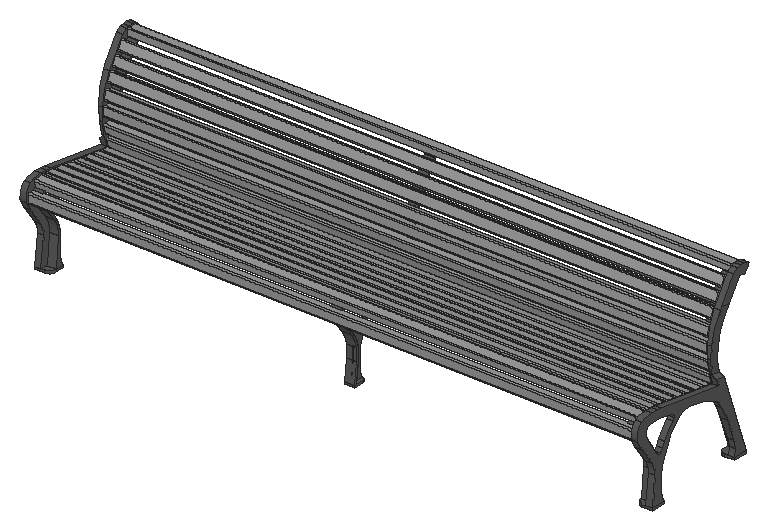
Revit family "Скамейка чугунная «Голландия» без подлокотников Арт 10869", category Антураж, Revit 2018
Family settings
  На основе рабочей плоскости = Нет
  Всегда вертикально = Да
  При загрузке вырезать с полостями = Нет
  Источник визуального образа = Геометрия семейства
  Общий = Нет
  Точка расчета площади = Нет
Parameters (values of type "Версия 3,0 м (3 опоры)")
  Ширина = 680 mm  # constant formula
  Цвет сидения = Дерево
  Цвет опоры = Сталь
  Средняя опора = or([Версия 2,0 м (3 опоры)], ([Версия 3,0 м (3 опоры)]))  # yes
  Описание = if([Версия 1,5 м], "Скамейка чугунная «Голландия» без подлокотников. Версия 1,5 м", if([Версия 1,8 м], "Скамейка чугунная «Голландия» без подлокотников. Версия 1,8 м", if([Версия 2,0 м (3 опоры)], "Скамейка чугунная «Голландия» без подлокотников. Версия 2,0 м (3 опоры)", "Скамейка чугунная «Голландия» без подлокотников. Версия 3,0 м (3 опоры)")))  # "Скамейка чугунная «Голландия» без подлокотников. Версия 3,0 м (3 опоры)"
  Материал изделия = "Сталь,чугун, дерево"  # constant formula
  Изображение типоразмера = Скамейка чугунная «Голландия» без подлокотников Арт 10869.jpg
  Изготовитель = "ООО «Хоббика»"  # constant formula
  Длина = if([Версия 1,5 м], 1500 mm, if([Версия 1,8 м], 1800 mm, if([Версия 2,0 м (3 опоры)], 2000 mm, 3000 mm)))  # 3000 mm
  Группа модели = "Садовые скамейки"  # constant formula
  Высота = 850 mm  # constant formula
  Версия 3,0 м (3 опоры) = not(or([Версия 1,5 м], [Версия 1,8 м], [Версия 2,0 м (3 опоры)]))  # yes
  Версия 2,0 м (3 опоры) = no
  Версия 1,8 м = no
  Версия 1,5 м = no
  Артикул товара = "Арт. 10869"  # constant formula
  URL = "https://hobbyka.ru/product/skameyka_chugunnaya_gollandiya_s_podlokotnikom/"
Types (5, lengths in mm): name | Средняя опора | Описание | Длина | Версия 3,0 м (3 опоры) | Версия 2,0 м (3 опоры) | Версия 1,8 м | Версия 1,5 м
  (no name) | yes | "Скамейка чугунная «Голландия» без подлокотников. Версия 3,0 м (3 опоры)" | 3000 | yes | no | no | no
  Версия 1,5 м | no | "Скамейка чугунная «Голландия» без подлокотников. Версия 1,5 м" | 1500 | no | no | no | yes
  Версия 1,8 м | no | "Скамейка чугунная «Голландия» без подлокотников. Версия 1,8 м" | 1800 | no | no | yes | no
  Версия 2,0 м (3 опоры) | yes | "Скамейка чугунная «Голландия» без подлокотников. Версия 2,0 м (3 опоры)" | 2000 | no | yes | no | no
  Версия 3,0 м (3 опоры) | yes | "Скамейка чугунная «Голландия» без подлокотников. Версия 3,0 м (3 опоры)" | 3000 | yes | no | no | no
Reference planes
  plane 1 "По центру (Вперед/Назад)": y = 0
  plane 2: z = 0
  plane 3 "По центру (Влево/Вправо)": x = 0
  plane 4: x = 3000
  plane 5: y = 680
  plane 6: z = 850
  plane 7: x = 3035
  plane 8: x = -35
Forms (mm)
  Extrusion 1, solid, material "Дерево" <- "Цвет сидения"
    sketch origin (0, 0, 0) x (0, 1, 0) y (0, 0, 1)
      loop
        line (674.324, 815.749) -> (674.324, 845)
        arc (674.324, 845) -> (672.859, 848.536) -> (669.324, 850) r 5
        line (669.324, 850) -> (629.324, 850)
        arc (629.324, 850) -> (625.788, 848.536) -> (624.324, 845) r 5
        line (624.324, 845) -> (624.324, 815.749) -> (674.324, 815.749)
      loop
        line (616.855, 798.179) -> (593.066, 815.199)
        arc (593.066, 815.199) -> (589.338, 816.066) -> (586.09, 814.042) r 5
        line (586.09, 814.042) -> (562.815, 781.511)
        arc (562.815, 781.511) -> (561.949, 777.783) -> (563.973, 774.535) r 5
        line (563.973, 774.535) -> (587.762, 757.515) -> (616.855, 798.179)
      loop
        line (580.351, 745.752) -> (555.345, 760.928)
        arc (555.345, 760.928) -> (551.563, 761.511) -> (548.476, 759.248) r 5
        line (548.476, 759.248) -> (527.723, 725.053)
        arc (527.723, 725.053) -> (527.14, 721.271) -> (529.403, 718.185) r 5
        line (529.403, 718.185) -> (554.409, 703.008) -> (580.351, 745.752)
      loop
        line (548.708, 692.872) -> (522.125, 705.075)
        arc (522.125, 705.075) -> (518.301, 705.219) -> (515.495, 702.617) r 5
        line (515.495, 702.617) -> (498.806, 666.265)
        arc (498.806, 666.265) -> (498.662, 662.441) -> (501.264, 659.635) r 5
        line (501.264, 659.635) -> (527.848, 647.431) -> (548.708, 692.872)
      loop
        line (522.13, 629.777) -> (493.707, 636.687)
        arc (493.707, 636.687) -> (489.926, 636.099) -> (487.668, 633.009) r 5
        line (487.668, 633.009) -> (478.218, 594.141)
        arc (478.218, 594.141) -> (478.806, 590.36) -> (481.896, 588.102) r 5
        line (481.896, 588.102) -> (510.319, 581.192) -> (522.13, 629.777)
      loop
        line (508.188, 567.194) -> (478.964, 568.441)
        arc (478.964, 568.441) -> (475.369, 567.129) -> (473.755, 563.659) r 5
        line (473.755, 563.659) -> (472.05, 523.695)
        arc (472.05, 523.695) -> (473.363, 520.101) -> (476.832, 518.487) r 5
        line (476.832, 518.487) -> (506.057, 517.24) -> (508.188, 567.194)
      loop
        line (508.188, 492.194) -> (479.455, 486.716)
        arc (479.455, 486.716) -> (476.256, 484.615) -> (475.48, 480.868) r 5
        line (475.48, 480.868) -> (482.972, 441.576)
        arc (482.972, 441.576) -> (485.072, 438.377) -> (488.82, 437.601) r 5
        line (488.82, 437.601) -> (517.553, 443.079) -> (508.188, 492.194)
      loop
        line (522.618, 424.305) -> (494.722, 415.507)
        arc (494.722, 415.507) -> (491.791, 413.047) -> (491.457, 409.235) r 5
        line (491.457, 409.235) -> (503.488, 371.087)
        arc (503.488, 371.087) -> (505.948, 368.156) -> (509.76, 367.822) r 5
        line (509.76, 367.822) -> (537.656, 376.62) -> (522.618, 424.305)
      loop
        line (496.711, 339.715) -> (501.324, 368.6)
        arc (501.324, 368.6) -> (500.435, 372.322) -> (497.175, 374.326) r 5
        line (497.175, 374.326) -> (457.675, 380.634)
        arc (457.675, 380.634) -> (453.953, 379.745) -> (451.949, 376.485) r 5
        line (451.949, 376.485) -> (447.337, 347.6) -> (496.711, 339.715)
      loop
        line (441.016, 348.609) -> (445.629, 377.494)
        arc (445.629, 377.494) -> (444.74, 381.216) -> (441.48, 383.22) r 5
        line (441.48, 383.22) -> (401.98, 389.528)
        arc (401.98, 389.528) -> (398.258, 388.639) -> (396.254, 385.379) r 5
        line (396.254, 385.379) -> (391.642, 356.494) -> (441.016, 348.609)
      loop
        line (386.699, 357.25) -> (391.312, 386.134)
        arc (391.312, 386.134) -> (390.423, 389.857) -> (387.163, 391.86) r 5
        line (387.163, 391.86) -> (347.663, 398.168)
        arc (347.663, 398.168) -> (343.941, 397.279) -> (341.937, 394.019) r 5
        line (341.937, 394.019) -> (337.325, 365.134) -> (386.699, 357.25)
      loop
        line (331.836, 366.044) -> (336.448, 394.929)
        arc (336.448, 394.929) -> (335.56, 398.651) -> (332.299, 400.655) r 5
        line (332.299, 400.655) -> (292.8, 406.962)
        arc (292.8, 406.962) -> (289.077, 406.074) -> (287.074, 402.813) r 5
        line (287.074, 402.813) -> (282.461, 373.929) -> (331.836, 366.044)
      loop
        line (209.802, 385.531) -> (214.415, 414.416)
        arc (214.415, 414.416) -> (213.526, 418.138) -> (210.266, 420.142) r 5
        line (210.266, 420.142) -> (170.766, 426.45)
        arc (170.766, 426.45) -> (167.044, 425.561) -> (165.04, 422.301) r 5
        line (165.04, 422.301) -> (160.428, 393.416) -> (209.802, 385.531)
      loop
        line (155.73, 393.805) -> (159.337, 422.832)
        arc (159.337, 422.832) -> (158.32, 426.521) -> (154.992, 428.411) r 5
        line (154.992, 428.411) -> (115.297, 433.343)
        arc (115.297, 433.343) -> (111.608, 432.326) -> (109.719, 428.998) r 5
        line (109.719, 428.998) -> (106.112, 399.971) -> (155.73, 393.805)
      loop
        line (40.612, 385.767) -> (11.391, 384.448)
        arc (11.391, 384.448) -> (7.925, 382.825) -> (6.621, 379.227) r 5
        line (6.621, 379.227) -> (8.425, 339.268)
        arc (8.425, 339.268) -> (10.048, 335.802) -> (13.646, 334.499) r 5
        line (13.646, 334.499) -> (42.867, 335.818) -> (40.612, 385.767)
      loop
        line (271.57, 375.668) -> (276.183, 404.553)
        arc (276.183, 404.553) -> (275.294, 408.275) -> (272.034, 410.279) r 5
        line (272.034, 410.279) -> (232.534, 416.586)
        arc (232.534, 416.586) -> (228.812, 415.698) -> (226.808, 412.437) r 5
        line (226.808, 412.437) -> (222.196, 383.552) -> (271.57, 375.668)
      loop
        line (97.972, 400.079) -> (92.938, 428.893)
        arc (92.938, 428.893) -> (90.887, 432.124) -> (87.152, 432.958) r 5
        line (87.152, 432.958) -> (47.749, 426.074)
        arc (47.749, 426.074) -> (44.518, 424.023) -> (43.684, 420.288) r 5
        line (43.684, 420.288) -> (48.718, 391.474) -> (97.972, 400.079)
    from 0 to 3000
Dimensions and locks
  "Длина": plane 3 "По центру (Влево/Вправо)" to plane 4
  "Ширина": plane 5 to plane 1 "По центру (Вперед/Назад)"
  "Высота": plane 6 to level
  equal spacing: plane 3 "По центру (Влево/Вправо)", nested 3, plane 4
  locked: plane 8 to plane 3 "По центру (Влево/Вправо)" at 35
  locked: plane 4 to plane 7 at 35
  aligned and locked: level to plane 2
  aligned and locked: nested 2 to plane 8
  aligned and locked: nested 1 to plane 7
  aligned and locked: Extrusion 1 to plane 3 "По центру (Влево/Вправо)"
  aligned and locked: plane 4 to Extrusion 1
Automatic sketch dimensions
  Extrusion 1 sketch curve to plane 6 = 0 mm
  Extrusion 1 sketch curve to plane 1 "По центру (Вперед/Назад)" = 6.621 mm
  Extrusion 1 sketch curve to plane 1 "По центру (Вперед/Назад)" = 8.425 mm
  Extrusion 1 sketch curve to Extrusion 1 sketch curve = 4.769 mm
  Extrusion 1 sketch curve to Extrusion 1 sketch curve = 4.995 mm  (x6)
  Extrusion 1 sketch curve to Extrusion 1 sketch curve = 0.226 mm
  Extrusion 1 sketch curve to Extrusion 1 sketch curve = 29.221 mm  (x2)
  Extrusion 1 sketch curve to Extrusion 1 sketch curve = 3.072 mm
  Extrusion 1 sketch curve to Extrusion 1 sketch curve = 4.065 mm  (x2)
  Extrusion 1 sketch curve to Extrusion 1 sketch curve = 0.861 mm  (x2)
  Extrusion 1 sketch curve to Extrusion 1 sketch curve = 8.106 mm
  Extrusion 1 sketch curve to Extrusion 1 sketch curve = 39.403 mm
  Extrusion 1 sketch curve to Extrusion 1 sketch curve = 4.925 mm  (x2)
  Extrusion 1 sketch curve to Extrusion 1 sketch curve = 5.034 mm
  Extrusion 1 sketch curve to Extrusion 1 sketch curve = 8.14 mm
  Extrusion 1 sketch curve to Extrusion 1 sketch curve = 16.781 mm
  Extrusion 1 sketch curve to Extrusion 1 sketch curve = 4.962 mm  (x3)
  Extrusion 1 sketch curve to Extrusion 1 sketch curve = 0.617 mm  (x2)
  Extrusion 1 sketch curve to Extrusion 1 sketch curve = 39.695 mm
  Extrusion 1 sketch curve to Extrusion 1 sketch curve = 1.355 mm
  Extrusion 1 sketch curve to Extrusion 1 sketch curve = 4.698 mm
  Extrusion 1 sketch curve to Extrusion 1 sketch curve = 5.703 mm
  Extrusion 1 sketch curve to Extrusion 1 sketch curve = 4.937 mm  (x18)
  Extrusion 1 sketch curve to Extrusion 1 sketch curve = 0.788 mm  (x12)
  Extrusion 1 sketch curve to Extrusion 1 sketch curve = 39.5 mm  (x6)
  Extrusion 1 sketch curve to Extrusion 1 sketch curve = 0.325 mm  (x6)
  Extrusion 1 sketch curve to Extrusion 1 sketch curve = 12.393 mm  (x2)
  Extrusion 1 sketch curve to Extrusion 1 sketch curve = 10.891 mm  (x2)
  Extrusion 1 sketch curve to Extrusion 1 sketch curve = 5.489 mm  (x2)
  Extrusion 1 sketch curve to Extrusion 1 sketch curve = 4.943 mm  (x2)
  Extrusion 1 sketch curve to Extrusion 1 sketch curve = 6.32 mm  (x2)
  Extrusion 1 sketch curve to Extrusion 1 sketch curve = 30.57 mm
  Extrusion 1 sketch curve to Extrusion 1 sketch curve = 1.705 mm
  Extrusion 1 sketch curve to Extrusion 1 sketch curve = 3.43 mm
  Extrusion 1 sketch curve to Extrusion 1 sketch curve = 4.782 mm  (x2)
  Extrusion 1 sketch curve to Extrusion 1 sketch curve = 4.463 mm
  Extrusion 1 sketch curve to Extrusion 1 sketch curve = 0.213 mm
  Extrusion 1 sketch curve to Extrusion 1 sketch curve = 3.975 mm
  Extrusion 1 sketch curve to Extrusion 1 sketch curve = 4.912 mm  (x4)
  Extrusion 1 sketch curve to Extrusion 1 sketch curve = 3.677 mm  (x2)
  Extrusion 1 sketch curve to Extrusion 1 sketch curve = 7.492 mm
  Extrusion 1 sketch curve to Extrusion 1 sketch curve = 4.858 mm  (x2)
  Extrusion 1 sketch curve to Extrusion 1 sketch curve = 9.449 mm
  Extrusion 1 sketch curve to Extrusion 1 sketch curve = 0.936 mm
  Extrusion 1 sketch curve to Extrusion 1 sketch curve = 2.638 mm
  Extrusion 1 sketch curve to Extrusion 1 sketch curve = 1.181 mm
  Extrusion 1 sketch curve to Extrusion 1 sketch curve = 3.265 mm
  Extrusion 1 sketch curve to Extrusion 1 sketch curve = 4.768 mm  (x4)
  Extrusion 1 sketch curve to Extrusion 1 sketch curve = 5.099 mm
  Extrusion 1 sketch curve to Extrusion 1 sketch curve = 2.458 mm  (x2)
  Extrusion 1 sketch curve to Extrusion 1 sketch curve = 4.544 mm  (x2)
  Extrusion 1 sketch curve to Extrusion 1 sketch curve = 2.164 mm
  Extrusion 1 sketch curve to Extrusion 1 sketch curve = 29.224 mm  (x2)
  Extrusion 1 sketch curve to Extrusion 1 sketch curve = 2.132 mm
  Extrusion 1 sketch curve to Extrusion 1 sketch curve = 1.504 mm
  Extrusion 1 sketch curve to Extrusion 1 sketch curve = 2.13 mm
  Extrusion 1 sketch curve to Extrusion 1 sketch curve = 16.688 mm
  Extrusion 1 sketch curve to Extrusion 1 sketch curve = 28.733 mm
  Extrusion 1 sketch curve to Extrusion 1 sketch curve = 2.086 mm
  Extrusion 1 sketch curve to Extrusion 1 sketch curve = 28.423 mm
  Extrusion 1 sketch curve to Extrusion 1 sketch curve = 5.066 mm
  Extrusion 1 sketch curve to Extrusion 1 sketch curve = 5.598 mm
  Extrusion 1 sketch curve to Extrusion 1 sketch curve = 5.718 mm
  Extrusion 1 sketch curve to Extrusion 1 sketch curve = 1.68 mm
  Extrusion 1 sketch curve to Extrusion 1 sketch curve = 4.274 mm  (x2)
  Extrusion 1 sketch curve to Extrusion 1 sketch curve = 27.896 mm
  Extrusion 1 sketch curve to Extrusion 1 sketch curve = 20.753 mm
  Extrusion 1 sketch curve to Extrusion 1 sketch curve = 26.583 mm
  Extrusion 1 sketch curve to Extrusion 1 sketch curve = 5.701 mm
  Extrusion 1 sketch curve to Extrusion 1 sketch curve = 2.594 mm  (x2)
  Extrusion 1 sketch curve to Extrusion 1 sketch curve = 7.471 mm
  Extrusion 1 sketch curve to plane 6 = 75.465 mm
  Extrusion 1 sketch curve to Extrusion 1 sketch curve = 1.157 mm
  Extrusion 1 sketch curve to Extrusion 1 sketch curve = 4.066 mm  (x3)
  Extrusion 1 sketch curve to Extrusion 1 sketch curve = 25.006 mm
  Extrusion 1 sketch curve to plane 6 = 35.958 mm
  Extrusion 1 sketch curve to Extrusion 1 sketch curve = 23.275 mm
  Extrusion 1 sketch curve to Extrusion 1 sketch curve = 7.411 mm
  Extrusion 1 sketch curve to plane 6 = 34.801 mm
  Extrusion 1 sketch curve to Extrusion 1 sketch curve = 2.909 mm
  Extrusion 1 sketch curve to plane 6 = 51.821 mm
  Extrusion 1 sketch curve to Extrusion 1 sketch curve = 7.469 mm
  Extrusion 1 sketch curve to Extrusion 1 sketch curve = 5 mm  (x2)
  Extrusion 1 sketch curve to plane 5 = 10.676 mm
  Extrusion 1 sketch curve to Extrusion 1 sketch curve = 17.881 mm
  Extrusion 1 sketch curve to Extrusion 1 sketch curve = 11.763 mm
  Extrusion 1 sketch curve to Extrusion 1 sketch curve = 31.601 mm
  Extrusion 1 sketch curve to Extrusion 1 sketch curve = 13.11 mm
  Extrusion 1 sketch curve to Extrusion 1 sketch curve = 10.137 mm
  Extrusion 1 sketch curve to Extrusion 1 sketch curve = 6.63 mm
  Extrusion 1 sketch curve to Extrusion 1 sketch curve = 22.948 mm
  Extrusion 1 sketch curve to Extrusion 1 sketch curve = 17.654 mm
  Extrusion 1 sketch curve to Extrusion 1 sketch curve = 6.04 mm
  Extrusion 1 sketch curve to Extrusion 1 sketch curve = 19.661 mm
  Extrusion 1 sketch curve to Extrusion 1 sketch curve = 13.998 mm
  Extrusion 1 sketch curve to Extrusion 1 sketch curve = 5.209 mm
  Extrusion 1 sketch curve to Extrusion 1 sketch curve = 25.045 mm
  Extrusion 1 sketch curve to Extrusion 1 sketch curve = 5.478 mm
  Extrusion 1 sketch curve to Extrusion 1 sketch curve = 47.524 mm
  Extrusion 1 sketch curve to Extrusion 1 sketch curve = 0.385 mm
  Extrusion 1 sketch curve to Extrusion 1 sketch curve = 4.345 mm
  Extrusion 1 sketch curve to Extrusion 1 sketch curve = 4.933 mm
  Extrusion 1 sketch curve to Extrusion 1 sketch curve = 1.961 mm
  Extrusion 1 sketch curve to Extrusion 1 sketch curve = 6.884 mm
  Extrusion 1 sketch curve to Extrusion 1 sketch curve = 18.774 mm
  Extrusion 1 sketch curve to Extrusion 1 sketch curve = 0.532 mm
  Extrusion 1 sketch curve to Extrusion 1 sketch curve = 6.308 mm  (x5)
  Extrusion 1 sketch curve to Extrusion 1 sketch curve = 3.556 mm
  Extrusion 1 sketch curve to Extrusion 1 sketch curve = 22.093 mm
  Extrusion 1 sketch curve to Extrusion 1 sketch curve = 4.149 mm  (x2)
  Extrusion 1 sketch curve to Extrusion 1 sketch curve = 3.316 mm
  Extrusion 1 sketch curve to Extrusion 1 sketch curve = 2.487 mm
  Extrusion 1 sketch curve to Extrusion 1 sketch curve = 0.91 mm
  Extrusion 1 sketch curve to Extrusion 1 sketch curve = 2.333 mm
  Extrusion 1 sketch curve to Extrusion 1 sketch curve = 5.707 mm
  Extrusion 1 sketch curve to Extrusion 1 sketch curve = 0.756 mm
  Extrusion 1 sketch curve to Extrusion 1 sketch curve = 1.319 mm
  Extrusion 1 sketch curve to Extrusion 1 sketch curve = 2.586 mm
  Extrusion 1 sketch curve to Extrusion 1 sketch curve = 1.009 mm
  Extrusion 1 sketch curve to Extrusion 1 sketch curve = 6.504 mm
  Extrusion 1 sketch curve to Extrusion 1 sketch curve = 17.57 mm
Nested families
  nested 1: "Скамейка чугунная «Голландия» без подлокотниками Арт 10869 опора" at (3005, 124.961, 0), type "Скамейка чугунная «Голландия» без подлокотниками Арт 10869 опора"
  nested 2: "Скамейка чугунная «Голландия» без подлокотниками Арт 10869 опора" at (-5, 124.961, 0) x (-1, 0, 0) z (0, 0, 1), type "Скамейка чугунная «Голландия» без подлокотниками Арт 10869 опора"
  nested 3: "Скамейка чугунная «Голландия» с подлокотниками Арт 13977 опора средняя" at (1500, 162.057, 0), visible <- "Средняя опора", type "Скамейка чугунная «Голландия» с подлокотниками Арт 13977 опора средняя"
Definition of nested family "Скамейка чугунная «Голландия» без подлокотниками Арт 10869 опора"
  Parameters (values of type "Скамейка чугунная «Голландия» без подлокотниками Арт 10869 опора")
    Цвет опоры = none
    Height = 0 mm
  Reference planes
    plane 1 "По центру (Вперед/Назад)": y = 0
    plane 2: z = 0
    plane 3 "По центру (Влево/Вправо)": x = 0
  Forms (mm)
    Extrusion 1, solid, material <- "Цвет опоры"
      sketch origin (0, 0, 0) x (0, 1, 0) y (0, 0, 1)
        loop
          arc (-536.943, 850.977) -> (-546.478, 850.344) -> (-555.735, 847.968) r 51.716
          arc (-555.735, 847.968) -> (-560.385, 844.035) -> (-561.679, 838.083) r 9.471
          arc (-561.679, 838.083) -> (-558.8, 829.313) -> (-553.77, 821.573) r 35.742
          arc (-553.77, 821.573) -> (-547.749, 814.039) -> (-541.383, 806.794) r 206.448
          line (-541.383, 806.794) -> (-538.225, 803.333)
          arc (-538.225, 803.333) -> (-536.495, 802.561) -> (-534.645, 802.971) r 3.023
          arc (-534.645, 802.971) -> (-526.461, 807.289) -> (-517.654, 810.123) r 53.207
          arc (-517.654, 810.123) -> (-514.358, 810.465) -> (-511.058, 810.175) r 17.381
          arc (-511.058, 810.175) -> (-510.177, 809.868) -> (-509.344, 809.449) r 7.105
          arc (-509.344, 809.449) -> (-506.57, 807.852) -> (-503.815, 806.223) r 283.015
          arc (-503.815, 806.223) -> (-457.308, 741.658) -> (-417.814, 672.58) r 759.162
          arc (-417.814, 672.58) -> (-384.737, 544.155) -> (-405.381, 413.155) r 327.001
          line (-405.381, 413.155) -> (-545.191, 9.957) -> (-475.191, 9.957)
          arc (-475.191, 9.957) -> (-482.294, 28.768) -> (-484.246, 48.779) r 76.445
          arc (-484.246, 48.779) -> (-480.785, 69.993) -> (-474.318, 90.491) r 149.52
          line (-474.318, 90.491) -> (-431.134, 198.303)
          arc (-431.134, 198.303) -> (-415.231, 234.141) -> (-397.519, 269.12) r 767.835
          arc (-397.519, 269.12) -> (-377.469, 297.516) -> (-349.82, 318.586) r 114.484
          arc (-349.82, 318.586) -> (-278.923, 346.819) -> (-204.084, 361.74) r 419.47
          arc (-204.084, 361.74) -> (-176.976, 361.706) -> (-151.183, 353.364) r 87.364
          arc (-151.183, 353.364) -> (-113.15, 327.472) -> (-82.69, 292.989) r 184.857
          arc (-82.69, 292.989) -> (-52.339, 243.277) -> (-29.95, 189.508) r 379.64
          arc (-29.95, 189.508) -> (-22.135, 163.406) -> (-17.701, 136.523) r 213.95
          line (-17.701, 136.523) -> (-17.702, 64.277)
          arc (-17.702, 64.277) -> (-24.04, 36.361) -> (-35.202, 10) r 161.653
          line (-35.202, 10) -> (35.191, 10)
          arc (35.191, 10) -> (26.025, 81.374) -> (21.621, 153.2) r 1082.413
          arc (21.621, 153.2) -> (25.134, 184.734) -> (38.593, 213.468) r 97.433
          line (38.593, 213.468) -> (100.666, 297.407)
          arc (100.666, 297.407) -> (114.839, 319.261) -> (124.961, 343.262) r 147.994
          arc (124.961, 343.262) -> (124.818, 385.95) -> (100.282, 420.883) r 71.196
          arc (100.282, 420.883) -> (68.557, 431.99) -> (35.12, 435.426) r 143.755
          arc (35.12, 435.426) -> (18.847, 434.987) -> (2.62, 433.685) r 306.514
          arc (2.62, 433.685) -> (-12.14, 432.102) -> (-26.873, 430.291) r 959.012
          line (-26.873, 430.291) -> (-376.2, 374.655) -> (-356.863, 435.779)
          arc (-356.863, 435.779) -> (-349.761, 466.785) -> (-345.61, 498.322) r 337.473
          arc (-345.61, 498.322) -> (-344.446, 530.109) -> (-346.28, 561.865) r 337.473
          arc (-346.28, 561.865) -> (-361.227, 635.626) -> (-389.465, 705.389) r 408.07
          arc (-389.465, 705.389) -> (-427.975, 769.766) -> (-471.665, 830.746) r 908.418
          arc (-471.665, 830.746) -> (-483.14, 840.304) -> (-496.286, 847.387) r 74.667
          arc (-496.286, 847.387) -> (-506.253, 849.841) -> (-516.477, 850.743) r 67.015
          arc (-516.477, 850.743) -> (-526.709, 850.908) -> (-536.943, 850.977) r 1087.837
        loop
          arc (-83.374, 377.857) -> (-93.703, 373.716) -> (-103.085, 367.729) r 59.711
          arc (-103.085, 367.729) -> (-107.331, 360.941) -> (-105.209, 353.221) r 9.961
          arc (-105.209, 353.221) -> (-100.707, 346.968) -> (-95.399, 341.384) r 56.597
          arc (-95.399, 341.384) -> (-67.198, 309.228) -> (-43.764, 273.449) r 305.587
          line (-43.764, 273.449) -> (-30.559, 250.898)
          arc (-30.559, 250.898) -> (-24.894, 241.478) -> (-18.04, 232.884) r 83.515
          arc (-18.04, 232.884) -> (-10.002, 228.365) -> (-1.244, 231.249) r 11.432
          arc (-1.244, 231.249) -> (5.917, 238.718) -> (11.867, 247.183) r 68.253
          arc (11.867, 247.183) -> (44.177, 295.592) -> (73.191, 346.045) r 873.254
          arc (73.191, 346.045) -> (77.49, 365.333) -> (68.52, 382.94) r 29.194
          arc (68.52, 382.94) -> (64.33, 385.972) -> (59.683, 388.242) r 30.089
          arc (59.683, 388.242) -> (53.237, 390.254) -> (46.61, 391.545) r 61.328
          arc (46.61, 391.545) -> (7.801, 393.064) -> (-30.847, 389.231) r 281.684
          arc (-30.847, 389.231) -> (-57.297, 384.405) -> (-83.374, 377.857) r 410.428
      from 0 to 30
    Extrusion 2, solid, material <- "Цвет опоры"
      sketch origin (0, 0, 0) x (0, 1, 0) y (0, 0, 1)
        loop
          arc (0.76, 10) -> (-8.062, 80.72) -> (-12.354, 151.858) r 1116.413
          arc (-12.354, 151.858) -> (-7.444, 194.474) -> (10.928, 233.239) r 131.433
          line (10.928, 233.239) -> (73.616, 318.012)
          arc (73.616, 318.012) -> (84.653, 334.911) -> (92.536, 353.491) r 113.994
          arc (92.536, 353.491) -> (94.078, 366.912) -> (90.726, 379.998) r 37.196
          arc (90.726, 379.998) -> (82.66, 389.948) -> (71.372, 396.001) r 32.45
          arc (71.372, 396.001) -> (53.606, 400.215) -> (35.387, 401.426) r 109.755
          arc (35.387, 401.426) -> (20.73, 401.039) -> (6.114, 399.865) r 272.514
          arc (6.114, 399.865) -> (-7.954, 398.359) -> (-21.998, 396.639) r 925.012
          line (-21.998, 396.639) -> (-428.252, 331.936) -> (-400.679, 411.454)
          arc (-400.679, 411.454) -> (-379.745, 544.441) -> (-413.337, 674.807) r 332.001
          arc (-413.337, 674.807) -> (-453.338, 744.729) -> (-500.477, 810.05) r 764.162
          arc (-500.477, 810.05) -> (-503.648, 811.935) -> (-506.844, 813.779) r 288.015
          arc (-506.844, 813.779) -> (-508.353, 814.525) -> (-509.95, 815.054) r 12.105
          arc (-509.95, 815.054) -> (-512.076, 815.363) -> (-514.222, 815.466) r 22.381
          line (-514.222, 815.466) -> (-539.222, 815.466) -> (-539.222, 810.466) -> (-514.222, 810.466)
          arc (-514.222, 810.466) -> (-512.633, 810.393) -> (-511.058, 810.175) r 17.381
          arc (-511.058, 810.175) -> (-510.177, 809.868) -> (-509.344, 809.449) r 7.105
          arc (-509.344, 809.449) -> (-506.57, 807.852) -> (-503.815, 806.223) r 283.015
          arc (-503.815, 806.223) -> (-457.308, 741.658) -> (-417.814, 672.58) r 759.162
          arc (-417.814, 672.58) -> (-384.737, 544.155) -> (-405.381, 413.155) r 327.001
          line (-405.381, 413.155) -> (-545.191, 9.957) -> (-539.899, 9.957) -> (-430.049, 326.752) -> (-30.847, 389.231)
          arc (-30.847, 389.231) -> (7.801, 393.064) -> (46.61, 391.545) r 281.684
          arc (46.61, 391.545) -> (53.237, 390.254) -> (59.683, 388.242) r 61.328
          arc (59.683, 388.242) -> (64.33, 385.972) -> (68.52, 382.94) r 30.089
          arc (68.52, 382.94) -> (77.49, 365.333) -> (73.191, 346.045) r 29.194
          arc (73.191, 346.045) -> (44.177, 295.592) -> (11.867, 247.183) r 873.254
          arc (11.867, 247.183) -> (9.053, 242.838) -> (5.917, 238.718) r 68.253
          arc (5.917, 238.718) -> (-14.463, 195.363) -> (-19.115, 147.684) r 140.694
          arc (-19.115, 147.684) -> (-18.335, 142.113) -> (-17.701, 136.523) r 213.95
          line (-17.701, 136.523) -> (-17.702, 64.277)
          arc (-17.702, 64.277) -> (-24.04, 36.361) -> (-35.202, 10) r 161.653
          line (-35.202, 10) -> (0.76, 10)
      from -50 to 0
    Extrusion 3, void
      sketch origin (0, 21.786, 38.071) x (1, 0, 0) y (0, -0.08321, 0.996532)
        loop
          line (32.244, 747.132) -> (10.694, 415.481) -> (73.379, 363.967) -> (32.244, 747.132)
      from -218.759 to 469.222
    Extrusion 4, solid, material <- "Цвет опоры"
      sketch origin (0, 0, 0) x (1, 0, 0) y (0, 1, 0)
        loop
          arc (-20, 35) -> (-41.213, 26.213) -> (-50, 5) r 30
          line (-50, 5) -> (-50, -35) -> (30, -35) -> (30, 35) -> (-20, 35)
      from 0 to 10
    Extrusion 5, solid, material <- "Цвет опоры"
      sketch origin (0, -400, 0) x (1, 0, 0) y (0, 1, 0)
        loop
          arc (-20, -75.191) -> (-41.213, -83.978) -> (-50, -105.191) r 30
          line (-50, -105.191) -> (-50, -145.191) -> (30, -145.191) -> (30, -75.191) -> (-20, -75.191)
      from 0 to 10
  Cuts and joins
    Extrusion 3 cuts Extrusion 1
  Dimensions and locks
    aligned and locked: level to plane 2
Definition of nested family "Скамейка чугунная «Голландия» с подлокотниками Арт 13977 опора средняя"
  Parameters (values of type "Скамейка чугунная «Голландия» с подлокотниками Арт 13977 опора средняя")
    Цвет опоры = none
    Height = 0 mm
  Reference planes
    plane 1 "По центру (Вперед/Назад)": y = 0
    plane 2: z = 0
    plane 3 "По центру (Влево/Вправо)": x = 0
  Forms (mm)
    Extrusion 1, solid, material <- "Цвет опоры"
      sketch origin (0, 0, 0) x (0, 1, 0) y (0, 0, 1)
        loop
          line (36, 10) -> (24.21, 110.605)
          arc (24.21, 110.605) -> (22.7, 142.968) -> (24.189, 175.333) r 349.974
          arc (24.189, 175.333) -> (34.044, 211.907) -> (53.322, 244.512) r 140.334
          line (53.322, 244.512) -> (114.236, 326.359)
          arc (114.236, 326.359) -> (122.887, 341.211) -> (128.429, 357.482) r 86.47
          arc (128.429, 357.482) -> (127.2, 376.502) -> (115.038, 391.177) r 30.876
          arc (115.038, 391.177) -> (97.109, 397.79) -> (78.147, 400.158) r 83.597
          arc (78.147, 400.158) -> (46.445, 399.216) -> (14.942, 395.542) r 367.268
          line (14.942, 395.542) -> (-374.644, 333.33)
          arc (-374.644, 333.33) -> (-382.702, 342.907) -> (-383.492, 355.399) r 20.006
          arc (-383.492, 355.399) -> (-364.251, 411.898) -> (-348.69, 469.518) r 925.958
          arc (-348.69, 469.518) -> (-343.991, 543.022) -> (-356.103, 615.674) r 322.28
          arc (-356.103, 615.674) -> (-367.725, 652.053) -> (-383.372, 686.891) r 338.502
          arc (-383.372, 686.891) -> (-419.729, 747.969) -> (-460.745, 806.022) r 909.565
          arc (-460.745, 806.022) -> (-462.843, 808.342) -> (-465.27, 810.314) r 20.415
          line (-465.27, 810.314) -> (-471.124, 813.706)
          arc (-471.124, 813.706) -> (-473.069, 814.575) -> (-475.148, 815.038) r 10.619
          arc (-475.148, 815.038) -> (-487.929, 815.66) -> (-500.725, 815.749) r 307.556
          line (-500.725, 815.749) -> (-500.695, 810.749)
          arc (-500.695, 810.749) -> (-488.159, 810.664) -> (-475.637, 810.06) r 302.778
          arc (-475.637, 810.06) -> (-474.595, 809.813) -> (-473.62, 809.373) r 5.619
          line (-473.62, 809.373) -> (-467.963, 806.095)
          arc (-467.963, 806.095) -> (-466.22, 804.653) -> (-464.706, 802.97) r 15.415
          arc (-464.706, 802.97) -> (-423.932, 745.261) -> (-387.788, 684.546) r 904.565
          arc (-387.788, 684.546) -> (-372.374, 650.211) -> (-360.927, 614.358) r 333.502
          arc (-360.927, 614.358) -> (-348.989, 542.869) -> (-353.587, 470.536) r 317.28
          arc (-353.587, 470.536) -> (-369.089, 413.173) -> (-388.258, 356.93) r 920.958
          line (-388.258, 356.93) -> (-508, 10) -> (-502.711, 10) -> (-393.925, 325.187) -> (15.735, 390.605)
          arc (15.735, 390.605) -> (46.814, 394.23) -> (78.09, 395.159) r 362.268
          arc (78.09, 395.159) -> (95.8, 392.962) -> (112.559, 386.827) r 78.597
          arc (112.559, 386.827) -> (122.606, 374.523) -> (123.571, 358.667) r 25.876
          arc (123.571, 358.667) -> (118.355, 343.324) -> (110.205, 329.318) r 81.47
          line (110.205, 329.318) -> (49.355, 247.556)
          arc (49.355, 247.556) -> (29.405, 213.772) -> (19.218, 175.882) r 145.334
          arc (19.218, 175.882) -> (17.7, 142.981) -> (19.237, 110.081) r 354.974
          line (19.237, 110.081) -> (30.966, 10) -> (36, 10)
      from -25 to 25
    Extrusion 2, solid, material <- "Цвет опоры"
      sketch origin (0, 0, 0) x (0, 1, 0) y (0, 0, 1)
        loop
          arc (-475.637, 810.06) -> (-488.159, 810.664) -> (-500.695, 810.749) r 302.778
          arc (-500.695, 810.749) -> (-467.288, 765.552) -> (-435.913, 718.921) r 1270.366
          arc (-435.913, 718.921) -> (-403.734, 658.48) -> (-381.683, 593.654) r 424.873
          arc (-381.683, 593.654) -> (-375.675, 527.256) -> (-382.883, 460.977) r 336.317
          line (-382.883, 460.977) -> (-401.12, 384.429) -> (-475.207, 146.437) -> (-508, 10) -> (-388.258, 356.93)
          arc (-388.258, 356.93) -> (-369.089, 413.173) -> (-353.587, 470.536) r 920.958
          arc (-353.587, 470.536) -> (-348.989, 542.869) -> (-360.927, 614.358) r 317.28
          arc (-360.927, 614.358) -> (-372.374, 650.211) -> (-387.788, 684.546) r 333.502
          arc (-387.788, 684.546) -> (-423.932, 745.261) -> (-464.706, 802.97) r 904.565
          arc (-464.706, 802.97) -> (-466.22, 804.653) -> (-467.963, 806.095) r 15.415
          line (-467.963, 806.095) -> (-473.62, 809.373)
          arc (-473.62, 809.373) -> (-474.595, 809.813) -> (-475.637, 810.06) r 5.619
        loop
          arc (-438.118, 10) -> (-447.29, 33.564) -> (-446.908, 58.847) r 65.869
          arc (-446.908, 58.847) -> (-443.817, 73.477) -> (-439.041, 87.647) r 128.085
          arc (-439.041, 87.647) -> (-403.2, 173.089) -> (-363.466, 256.791) r 2013.864
          arc (-363.466, 256.791) -> (-350.385, 274.954) -> (-333.167, 289.256) r 88.554
          arc (-333.167, 289.256) -> (-293.152, 310.858) -> (-249.787, 324.543) r 240.544
          arc (-249.787, 324.543) -> (-221.14, 330.29) -> (-192.468, 335.91) r 6556.971
          arc (-192.468, 335.91) -> (-167.996, 338.651) -> (-143.371, 338.509) r 209.987
          arc (-143.371, 338.509) -> (-131.691, 331.816) -> (-120.909, 323.757) r 110.855
          arc (-120.909, 323.757) -> (-86.451, 288.232) -> (-59.171, 246.939) r 266
          arc (-59.171, 246.939) -> (-37.166, 201.345) -> (-21.13, 153.326) r 397.757
          arc (-21.13, 153.326) -> (-18.741, 95.316) -> (-24.151, 37.509) r 432.062
          arc (-24.151, 37.509) -> (-28.019, 23.29) -> (-34.383, 10) r 81.57
          line (-34.383, 10) -> (30.966, 10) -> (19.237, 110.081)
          arc (19.237, 110.081) -> (17.7, 142.981) -> (19.218, 175.882) r 354.974
          arc (19.218, 175.882) -> (29.405, 213.772) -> (49.355, 247.556) r 145.334
          line (49.355, 247.556) -> (110.205, 329.318)
          arc (110.205, 329.318) -> (118.355, 343.324) -> (123.571, 358.667) r 81.47
          arc (123.571, 358.667) -> (122.606, 374.523) -> (112.559, 386.827) r 25.876
          arc (112.559, 386.827) -> (95.8, 392.962) -> (78.09, 395.159) r 78.597
          arc (78.09, 395.159) -> (46.814, 394.23) -> (15.735, 390.605) r 362.268
          line (15.735, 390.605) -> (-393.925, 325.187) -> (-502.711, 10) -> (-438.118, 10)
        loop
          arc (67.294, 322.875) -> (70.959, 330.598) -> (74.474, 338.39) r 442.513
          arc (74.474, 338.39) -> (76.42, 343.525) -> (77.934, 348.803) r 66.254
          arc (77.934, 348.803) -> (78.391, 352.136) -> (78.303, 355.499) r 20.722
          arc (78.303, 355.499) -> (77.259, 360.867) -> (75.355, 365.994) r 33.523
          arc (75.355, 365.994) -> (73.242, 369.248) -> (70.139, 371.579) r 11.128
          arc (70.139, 371.579) -> (63.736, 373.573) -> (57.047, 374.05) r 29.117
          arc (57.047, 374.05) -> (50.397, 373.62) -> (43.779, 372.838) r 125.482
          arc (43.779, 372.838) -> (-15.784, 363.693) -> (-75.076, 352.929) r 2212.026
          arc (-75.076, 352.929) -> (-82.316, 350.743) -> (-89.214, 347.642) r 58.615
          arc (-89.214, 347.642) -> (-92.723, 345.274) -> (-95.659, 342.225) r 20.127
          arc (-95.659, 342.225) -> (-96.985, 338.13) -> (-95.945, 333.954) r 7.826
          arc (-95.945, 333.954) -> (-94.151, 331.084) -> (-92.031, 328.446) r 28.593
          line (-92.031, 328.446) -> (-79.613, 314.498)
          arc (-79.613, 314.498) -> (-55.829, 283.789) -> (-36.056, 250.357) r 311.257
          arc (-36.056, 250.357) -> (-29.49, 238.418) -> (-22.051, 227.004) r 182.386
          arc (-22.051, 227.004) -> (-17.572, 222.294) -> (-12.053, 218.861) r 25.658
          arc (-12.053, 218.861) -> (-4.803, 218.642) -> (1.318, 222.533) r 12.344
          arc (1.318, 222.533) -> (4.366, 225.959) -> (6.998, 229.714) r 39.592
          arc (6.998, 229.714) -> (37.386, 276.139) -> (67.294, 322.875) r 5388.012
      from -5 to 5
    Extrusion 3, solid, material <- "Цвет опоры"
      sketch origin (0, 0, 0) x (1, 0, 0) y (0, 1, 0)
        loop
          line (-25, 36.048) -> (-25, -13.139)
          arc (-25, -13.139) -> (0, -36.048) -> (25, -13.139) r 25.095
          line (25, -13.139) -> (25, 36.048) -> (-25, 36.048)
      from 0 to 10
    Extrusion 4, solid, material <- "Цвет опоры"
      sketch origin (0, -472.048, 0) x (-1, 0, 0) y (0, -1, 0)
        loop
          line (-25, 36.048) -> (-25, -13.139)
          arc (-25, -13.139) -> (0, -36.048) -> (25, -13.139) r 25.095
          line (25, -13.139) -> (25, 36.048) -> (-25, 36.048)
      from 0 to 10
  Dimensions and locks
    aligned and locked: level to plane 2
